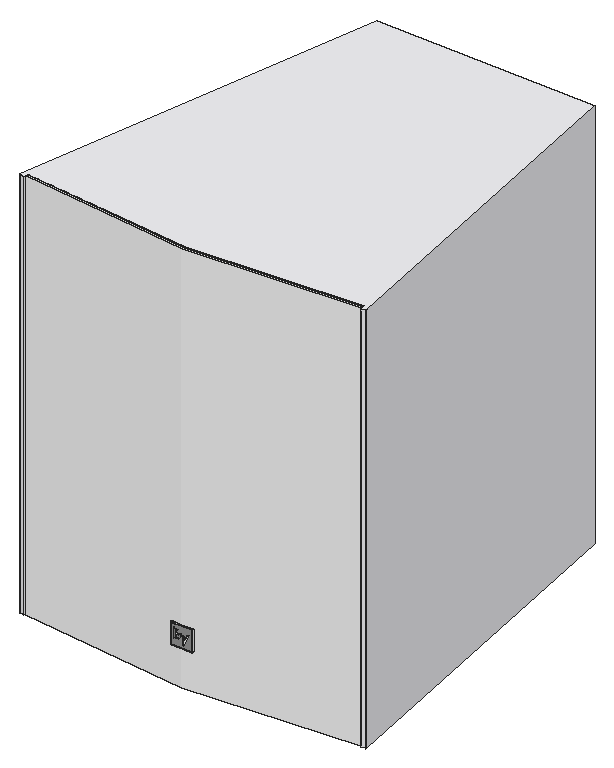
Revit family "EVF-1181S", category Communication Devices, Revit 2017 (continued)
Definition of nested family "InputPanelV"
  Lines and regions (mm)
    model lines, not visible
      curve 127: spline (78.912, -9.5, 85.748) -> (78.904, -9.5, 85.88) -> (78.878, -9.5, 86.01) -> (78.835, -9.5, 86.134) -> (78.777, -9.5, 86.253) -> (78.704, -9.5, 86.363) -> (78.617, -9.5, 86.462) -> (78.518, -9.5, 86.549) -> (78.408, -9.5, 86.622) -> (78.289, -9.5, 86.68) -> (78.164, -9.5, 86.723) -> (78.035, -9.5, 86.749) -> (77.903, -9.5, 86.757)
      curve 128: spline (77.907, -9.5, 60.018) -> (78.038, -9.5, 60.027) -> (78.168, -9.5, 60.053) -> (78.293, -9.5, 60.095) -> (78.411, -9.5, 60.154) -> (78.521, -9.5, 60.227) -> (78.62, -9.5, 60.314) -> (78.707, -9.5, 60.413) -> (78.78, -9.5, 60.523) -> (78.839, -9.5, 60.641) -> (78.881, -9.5, 60.766) -> (78.907, -9.5, 60.896) -> (78.915, -9.5, 61.027)
      curve 129: line (63.979, -9.5, 70.233) -> (63.818, -9.5, 71.221)
      curve 130: line (63.818, -9.5, 71.221) -> (63.359, -9.5, 72.059)
      curve 131: line (63.359, -9.5, 72.059) -> (62.673, -9.5, 72.618)
      curve 132: line (62.673, -9.5, 72.618) -> (61.864, -9.5, 72.815)
      curve 133: line (61.864, -9.5, 72.815) -> (61.054, -9.5, 72.618)
      curve 134: line (61.054, -9.5, 72.618) -> (60.368, -9.5, 72.058)
      curve 135: line (60.368, -9.5, 72.058) -> (59.91, -9.5, 71.221)
      curve 136: line (59.91, -9.5, 71.221) -> (59.749, -9.5, 70.232)
      curve 137: line (59.749, -9.5, 70.232) -> (59.91, -9.5, 69.244)
      curve 138: line (59.91, -9.5, 69.244) -> (60.369, -9.5, 68.407)
      curve 139: line (60.369, -9.5, 68.407) -> (61.055, -9.5, 67.847)
      curve 140: line (61.055, -9.5, 67.847) -> (61.864, -9.5, 67.651)
      curve 141: line (61.864, -9.5, 67.651) -> (62.674, -9.5, 67.847)
      curve 142: line (62.674, -9.5, 67.847) -> (63.36, -9.5, 68.407)
      curve 143: line (63.36, -9.5, 68.407) -> (63.815, -9.5, 69.238)
      curve 144: line (63.818, -9.5, 69.245) -> (64.103, -9.5, 70.233)
      curve 145: line (64.103, -9.5, 70.233) -> (64.794, -9.5, 70.233)
      curve 146: line (64.794, -9.5, 70.233) -> (66.912, -9.5, 70.233)
      curve 147: line (66.912, -9.5, 70.233) -> (66.911, -9.5, 64.008)
      curve 148: line (63.978, -9.5, 82.846) -> (63.817, -9.5, 83.834)
      curve 149: line (63.817, -9.5, 83.834) -> (63.358, -9.5, 84.671)
      curve 150: line (63.358, -9.5, 84.671) -> (62.672, -9.5, 85.231)
      curve 151: line (62.672, -9.5, 85.231) -> (61.862, -9.5, 85.427)
      curve 152: line (61.862, -9.5, 85.427) -> (61.053, -9.5, 85.231)
      curve 153: line (61.053, -9.5, 85.231) -> (60.367, -9.5, 84.671)
      curve 154: line (60.367, -9.5, 84.671) -> (59.908, -9.5, 83.833)
      curve 155: line (59.908, -9.5, 83.833) -> (59.747, -9.5, 82.845)
      curve 156: line (59.747, -9.5, 82.845) -> (59.908, -9.5, 81.857)
      curve 157: line (59.908, -9.5, 81.857) -> (60.367, -9.5, 81.019)
      curve 158: line (60.367, -9.5, 81.019) -> (61.053, -9.5, 80.46)
      curve 159: line (61.053, -9.5, 80.46) -> (61.863, -9.5, 80.263)
      curve 160: line (61.863, -9.5, 80.263) -> (62.672, -9.5, 80.46)
      curve 161: line (62.672, -9.5, 80.46) -> (63.358, -9.5, 81.02)
      curve 162: line (63.358, -9.5, 81.02) -> (63.813, -9.5, 81.851)
      curve 163: line (63.817, -9.5, 81.857) -> (64.101, -9.5, 82.846)
      curve 164: line (64.101, -9.5, 82.846) -> (64.793, -9.5, 82.846)
      curve 165: line (64.793, -9.5, 82.846) -> (66.91, -9.5, 82.846)
      curve 166: line (66.91, -9.5, 82.846) -> (66.909, -9.5, 76.621)
      curve 167: line (63.98, -9.5, 63.927) -> (63.819, -9.5, 64.915)
      curve 168: line (63.819, -9.5, 64.915) -> (63.36, -9.5, 65.752)
      curve 169: line (63.36, -9.5, 65.752) -> (62.674, -9.5, 66.312)
      curve 170: line (62.674, -9.5, 66.312) -> (61.864, -9.5, 66.508)
      curve 171: line (61.864, -9.5, 66.508) -> (61.055, -9.5, 66.312)
      curve 172: line (61.055, -9.5, 66.312) -> (60.369, -9.5, 65.752)
      curve 173: line (60.369, -9.5, 65.752) -> (59.911, -9.5, 64.914)
      curve 174: line (59.911, -9.5, 64.914) -> (59.75, -9.5, 63.926)
      curve 175: line (59.75, -9.5, 63.926) -> (59.911, -9.5, 62.938)
      curve 176: line (59.911, -9.5, 62.938) -> (60.369, -9.5, 62.1)
      curve 177: line (60.369, -9.5, 62.1) -> (61.056, -9.5, 61.541)
      curve 178: line (61.056, -9.5, 61.541) -> (61.865, -9.5, 61.344)
      curve 179: line (61.865, -9.5, 61.344) -> (62.675, -9.5, 61.541)
      curve 180: line (62.675, -9.5, 61.541) -> (63.361, -9.5, 62.101)
      curve 181: line (63.361, -9.5, 62.101) -> (63.815, -9.5, 62.932)
      curve 182: line (63.819, -9.5, 62.938) -> (64.103, -9.5, 63.927)
      curve 183: line (64.103, -9.5, 63.927) -> (64.794, -9.5, 63.927)
      curve 184: line (64.794, -9.5, 63.927) -> (66.912, -9.5, 63.927)
      curve 185: line (66.912, -9.5, 63.927) -> (66.911, -9.5, 60.774)
      curve 186: line (66.911, -9.5, 60.774) -> (65.488, -9.5, 60.774)
      curve 187: line (65.488, -9.5, 60.774) -> (68.6, -9.5, 60.646)
      curve 188: line (68.6, -9.5, 60.646) -> (68.722, -9.5, 60.469)
      curve 189: line (68.722, -9.5, 60.469) -> (65.589, -9.5, 60.469)
      curve 190: line (65.589, -9.5, 60.469) -> (65.467, -9.5, 60.646)
      curve 191: line (63.978, -9.5, 76.539) -> (63.817, -9.5, 77.527)
      curve 192: line (63.817, -9.5, 77.527) -> (63.359, -9.5, 78.365)
      curve 193: line (63.359, -9.5, 78.365) -> (62.672, -9.5, 78.925)
      curve 194: line (62.672, -9.5, 78.925) -> (61.863, -9.5, 79.121)
      curve 195: line (61.863, -9.5, 79.121) -> (61.054, -9.5, 78.924)
      curve 196: line (61.054, -9.5, 78.924) -> (60.367, -9.5, 78.365)
      curve 197: line (60.367, -9.5, 78.365) -> (59.909, -9.5, 77.527)
      curve 198: line (59.909, -9.5, 77.527) -> (59.748, -9.5, 76.539)
      curve 199: line (59.748, -9.5, 76.539) -> (59.909, -9.5, 75.551)
      curve 200: line (59.909, -9.5, 75.551) -> (60.368, -9.5, 74.713)
      curve 201: line (60.368, -9.5, 74.713) -> (61.054, -9.5, 74.153)
      curve 202: line (61.054, -9.5, 74.153) -> (61.864, -9.5, 73.957)
      curve 203: line (61.864, -9.5, 73.957) -> (62.673, -9.5, 74.153)
      curve 204: line (62.673, -9.5, 74.153) -> (63.359, -9.5, 74.713)
      curve 205: line (63.359, -9.5, 74.713) -> (63.814, -9.5, 75.544)
      curve 206: line (63.818, -9.5, 75.551) -> (64.101, -9.5, 76.539)
      curve 207: line (64.101, -9.5, 76.539) -> (64.793, -9.5, 76.539)
      curve 208: line (64.793, -9.5, 76.539) -> (66.91, -9.5, 76.54)
      curve 209: line (66.91, -9.5, 76.54) -> (66.91, -9.5, 70.344)
      curve 210: line (61.049, -9.5, 85.998) -> (60.837, -9.5, 85.998)
      curve 211: line (60.837, -9.5, 85.998) -> (60.837, -9.5, 85.655)
      curve 212: line (60.916, -9.5, 85.517) -> (61.049, -9.5, 85.391)
      curve 213: line (61.049, -9.5, 85.391) -> (61.049, -9.5, 85.998)
      curve 214: line (61.049, -9.5, 85.998) -> (62.676, -9.5, 85.999)
      curve 215: line (62.676, -9.5, 85.999) -> (62.676, -9.5, 85.392)
      curve 216: line (62.676, -9.5, 79.084) -> (62.676, -9.5, 80.299)
      curve 217: line (62.677, -9.5, 72.779) -> (62.677, -9.5, 73.994)
      curve 218: line (62.678, -9.5, 66.472) -> (62.678, -9.5, 67.687)
      curve 219: line (61.052, -9.5, 60.773) -> (60.84, -9.5, 60.773)
      curve 220: line (60.84, -9.5, 60.773) -> (60.84, -9.5, 61.139)
      curve 221: line (60.918, -9.5, 61.255) -> (61.052, -9.5, 61.381)
      curve 222: line (61.052, -9.5, 61.381) -> (61.052, -9.5, 60.773)
      curve 223: line (61.052, -9.5, 60.773) -> (62.679, -9.5, 60.773)
      curve 224: line (62.679, -9.5, 60.773) -> (62.679, -9.5, 61.381)
      curve 225: line (60.839, -9.5, 66.735) -> (60.842, -9.5, 67.413)
      curve 226: line (60.918, -9.5, 67.56) -> (61.051, -9.5, 67.686)
      curve 227: line (61.051, -9.5, 67.686) -> (61.051, -9.5, 66.471)
      curve 228: line (61.051, -9.5, 66.471) -> (60.918, -9.5, 66.598)
      curve 229: line (61.05, -9.5, 72.779) -> (61.05, -9.5, 73.994)
      curve 230: line (61.05, -9.5, 73.994) -> (60.917, -9.5, 73.867)
      curve 231: line (60.838, -9.5, 73.752) -> (60.838, -9.5, 73.043)
      curve 232: line (60.917, -9.5, 72.905) -> (61.05, -9.5, 72.779)
      curve 233: line (60.838, -9.5, 79.348) -> (60.841, -9.5, 80.026)
      curve 234: line (60.916, -9.5, 80.173) -> (61.049, -9.5, 80.299)
      curve 235: line (61.049, -9.5, 80.299) -> (61.049, -9.5, 79.084)
      curve 236: line (61.049, -9.5, 79.084) -> (60.916, -9.5, 79.21)
      curve 237: line (65.486, -9.5, 73.675) -> (63.369, -9.5, 73.675)
      curve 238: line (63.369, -9.5, 73.675) -> (63.369, -9.5, 73.098)
      curve 239: line (63.369, -9.5, 73.098) -> (65.486, -9.5, 73.099)
      curve 240: line (65.486, -9.5, 73.099) -> (65.486, -9.5, 73.675)
      curve 241: line (65.487, -9.5, 67.368) -> (65.487, -9.5, 66.791)
      curve 242: line (65.487, -9.5, 66.791) -> (63.37, -9.5, 66.791)
      curve 243: line (63.37, -9.5, 66.791) -> (63.369, -9.5, 67.367)
      curve 244: line (63.369, -9.5, 67.367) -> (65.487, -9.5, 67.368)
      curve 245: line (65.485, -9.5, 79.98) -> (65.485, -9.5, 79.404)
      curve 246: line (65.485, -9.5, 79.404) -> (63.368, -9.5, 79.404)
      curve 247: line (63.368, -9.5, 79.404) -> (63.368, -9.5, 79.98)
      curve 248: line (63.368, -9.5, 79.98) -> (65.485, -9.5, 79.98)
      curve 249: line (63.37, -9.5, 60.773) -> (65.488, -9.5, 60.774)
      curve 250: line (65.488, -9.5, 60.774) -> (65.488, -9.5, 61.062)
      curve 251: line (65.488, -9.5, 61.062) -> (63.37, -9.5, 61.062)
      curve 252: line (63.37, -9.5, 61.062) -> (63.37, -9.5, 60.773)
      curve 253: line (63.37, -9.5, 60.773) -> (62.679, -9.5, 60.773)
      curve 254: line (62.676, -9.5, 85.999) -> (63.367, -9.5, 85.999)
      curve 255: line (63.367, -9.5, 85.999) -> (63.367, -9.5, 85.711)
      curve 256: line (63.367, -9.5, 85.711) -> (65.485, -9.5, 85.711)
      curve 257: line (65.485, -9.5, 85.711) -> (65.485, -9.5, 85.999)
      curve 258: line (65.485, -9.5, 85.999) -> (63.367, -9.5, 85.999)
      curve 259: line (63.973, -9.5, 63.722) -> (62.18, -9.5, 65.91)
      curve 260: line (62.18, -9.5, 65.91) -> (62.671, -9.5, 66.243)
      curve 261: line (63.973, -9.5, 70.028) -> (62.179, -9.5, 72.217)
      curve 262: line (62.179, -9.5, 72.217) -> (62.67, -9.5, 72.549)
      curve 263: line (63.946, -9.5, 63.467) -> (62.347, -9.5, 65.419)
      curve 264: line (62.347, -9.5, 65.419) -> (61.777, -9.5, 65.419)
      curve 265: line (61.777, -9.5, 65.419) -> (63.815, -9.5, 62.932)
      curve 266: line (63.945, -9.5, 69.773) -> (62.346, -9.5, 71.725)
      curve 267: line (62.346, -9.5, 71.725) -> (61.777, -9.5, 71.725)
      curve 268: line (61.777, -9.5, 71.725) -> (63.815, -9.5, 69.238)
      curve 269: line (63.945, -9.5, 76.08) -> (62.345, -9.5, 78.032)
      curve 270: line (62.345, -9.5, 78.032) -> (61.776, -9.5, 78.031)
      curve 271: line (61.776, -9.5, 78.031) -> (63.814, -9.5, 75.544)
      curve 272: line (63.972, -9.5, 76.334) -> (62.178, -9.5, 78.523)
      curve 273: line (62.178, -9.5, 78.523) -> (62.669, -9.5, 78.856)
      curve 274: line (63.971, -9.5, 82.641) -> (62.178, -9.5, 84.829)
      curve 275: line (62.178, -9.5, 84.829) -> (62.669, -9.5, 85.162)
      curve 276: line (63.944, -9.5, 82.386) -> (62.345, -9.5, 84.338)
      curve 277: line (62.345, -9.5, 84.338) -> (61.775, -9.5, 84.338)
      curve 278: line (61.775, -9.5, 84.338) -> (63.813, -9.5, 81.851)
      curve 279: line (66.909, -9.5, 82.956) -> (66.908, -9.5, 85.999)
      curve 280: line (66.908, -9.5, 85.999) -> (72.332, -9.5, 86)
      curve 281: line (72.332, -9.5, 86) -> (72.335, -9.5, 60.774)
      curve 282: line (72.335, -9.5, 60.774) -> (66.911, -9.5, 60.774)
      curve 283: line (65.485, -9.5, 85.999) -> (66.908, -9.5, 85.999)
      curve 284: line (72.332, -9.5, 86) -> (72.658, -9.5, 86)
      curve 285: line (72.658, -9.5, 86) -> (72.661, -9.5, 60.775)
      curve 286: line (72.661, -9.5, 60.775) -> (72.335, -9.5, 60.774)
      curve 287: line (72.335, -9.5, 60.774) -> (72.464, -9.5, 60.647)
      curve 288: line (72.464, -9.5, 60.647) -> (72.586, -9.5, 60.47)
      curve 289: line (73.116, -9.5, 67.379) -> (73.115, -9.5, 72.891)
      curve 290: line (73.115, -9.5, 72.891) -> (77.33, -9.5, 72.891)
      curve 291: line (77.33, -9.5, 72.891) -> (77.331, -9.5, 67.379)
      curve 292: line (77.331, -9.5, 67.379) -> (73.116, -9.5, 67.379)
      curve 293: line (77.331, -9.5, 66.783) -> (77.332, -9.5, 61.272)
      curve 294: line (77.332, -9.5, 61.272) -> (73.116, -9.5, 61.271)
      curve 295: line (73.116, -9.5, 61.271) -> (73.116, -9.5, 66.783)
      curve 296: line (73.116, -9.5, 66.783) -> (77.331, -9.5, 66.783)
      curve 297: line (72.661, -9.5, 60.775) -> (77.787, -9.5, 60.775)
      curve 298: line (77.787, -9.5, 60.775) -> (77.784, -9.5, 86)
      curve 299: line (77.784, -9.5, 86) -> (72.658, -9.5, 86)
      curve 300: line (73.114, -9.5, 79.991) -> (73.113, -9.5, 85.503)
      curve 301: line (73.113, -9.5, 85.503) -> (77.329, -9.5, 85.504)
      curve 302: line (77.329, -9.5, 85.504) -> (77.329, -9.5, 79.992)
      curve 303: line (77.329, -9.5, 79.992) -> (73.114, -9.5, 79.991)
      curve 304: line (77.329, -9.5, 79.396) -> (77.33, -9.5, 73.884)
      curve 305: line (77.33, -9.5, 73.884) -> (73.115, -9.5, 73.884)
      curve 306: line (73.115, -9.5, 73.884) -> (73.114, -9.5, 79.396)
      curve 307: line (73.114, -9.5, 79.396) -> (77.329, -9.5, 79.396)
      curve 308: line (73.114, -9.5, 81.158) -> (74.522, -9.5, 81.159)
      curve 309: line (74.522, -9.5, 81.159) -> (74.848, -9.5, 80.47)
      curve 310: line (74.848, -9.5, 80.47) -> (75.233, -9.5, 79.992)
      curve 311: line (73.116, -9.5, 68.546) -> (74.524, -9.5, 68.546)
      curve 312: line (74.524, -9.5, 68.546) -> (74.849, -9.5, 67.858)
      curve 313: line (74.849, -9.5, 67.858) -> (75.235, -9.5, 67.379)
      curve 314: line (73.114, -9.5, 78.229) -> (74.523, -9.5, 78.229)
      curve 315: line (74.523, -9.5, 78.229) -> (74.848, -9.5, 78.917)
      curve 316: line (74.848, -9.5, 78.917) -> (75.233, -9.5, 79.396)
      curve 317: line (73.116, -9.5, 65.616) -> (74.524, -9.5, 65.616)
      curve 318: line (74.524, -9.5, 65.616) -> (74.85, -9.5, 66.304)
      curve 319: line (74.85, -9.5, 66.304) -> (75.235, -9.5, 66.783)
      curve 320: line (73.116, -9.5, 62.239) -> (74.525, -9.5, 62.24)
      curve 321: line (74.525, -9.5, 62.24) -> (74.85, -9.5, 61.552)
      curve 322: line (74.85, -9.5, 61.552) -> (75.076, -9.5, 61.271)
      curve 323: line (73.115, -9.5, 74.852) -> (74.523, -9.5, 74.852)
      curve 324: line (74.523, -9.5, 74.852) -> (74.849, -9.5, 74.164)
      curve 325: line (74.849, -9.5, 74.164) -> (75.074, -9.5, 73.884)
      curve 326: line (73.115, -9.5, 71.922) -> (74.524, -9.5, 71.923)
      curve 327: line (74.524, -9.5, 71.923) -> (74.849, -9.5, 72.611)
      curve 328: line (75.074, -9.5, 72.891) -> (74.849, -9.5, 72.611)
      curve 329: line (74.849, -9.5, 72.611) -> (74.849, -9.5, 67.858)
      curve 330: line (73.114, -9.5, 84.535) -> (74.522, -9.5, 84.535)
      curve 331: line (74.522, -9.5, 84.535) -> (74.847, -9.5, 85.223)
      curve 332: line (74.847, -9.5, 85.223) -> (74.848, -9.5, 80.47)
      curve 333: line (75.073, -9.5, 85.503) -> (74.847, -9.5, 85.223)
      curve 334: line (74.524, -9.5, 65.616) -> (74.525, -9.5, 62.24)
      curve 335: line (74.523, -9.5, 78.229) -> (74.523, -9.5, 74.852)
      curve 336: line (74.524, -9.5, 68.546) -> (74.524, -9.5, 71.923)
      curve 337: line (74.522, -9.5, 81.159) -> (74.522, -9.5, 84.535)
      curve 338: line (72.586, -9.5, 60.208) -> (75.719, -9.5, 60.209)
      curve 339: line (75.719, -9.5, 60.209) -> (75.719, -9.5, 60.47)
      curve 340: line (75.719, -9.5, 60.47) -> (72.586, -9.5, 60.47)
      curve 341: line (72.586, -9.5, 60.47) -> (72.586, -9.5, 60.208)
      curve 342: line (72.586, -9.5, 60.208) -> (72.005, -9.5, 60.208)
      curve 343: line (72.005, -9.5, 60.208) -> (72.005, -9.5, 60.47)
      curve 344: line (72.005, -9.5, 60.47) -> (72.127, -9.5, 60.774)
      curve 345: line (72.464, -9.5, 60.647) -> (75.597, -9.5, 60.647)
      curve 346: line (75.597, -9.5, 60.647) -> (75.719, -9.5, 60.47)
      curve 347: line (76.233, -9.5, 66.783) -> (76.233, -9.5, 61.272)
      curve 348: line (76.231, -9.5, 79.396) -> (76.232, -9.5, 73.884)
      curve 349: line (76.232, -9.5, 72.891) -> (76.233, -9.5, 67.379)
      curve 350: line (76.23, -9.5, 85.504) -> (76.231, -9.5, 79.992)
      curve 351: line (74.85, -9.5, 66.304) -> (74.85, -9.5, 61.552)
      curve 352: line (74.848, -9.5, 78.917) -> (74.849, -9.5, 74.164)
      curve 353: line (65.589, -9.5, 60.469) -> (65.589, -9.5, 60.208)
      curve 354: line (65.589, -9.5, 60.208) -> (65.009, -9.5, 60.207)
      curve 355: line (65.009, -9.5, 60.207) -> (65.009, -9.5, 60.469)
      curve 356: line (65.009, -9.5, 60.469) -> (65.131, -9.5, 60.646)
      curve 357: line (65.589, -9.5, 60.208) -> (68.722, -9.5, 60.208)
      curve 358: line (68.722, -9.5, 60.208) -> (68.722, -9.5, 60.469)
      curve 359: line (54.498, -9.5, 76.538) -> (54.659, -9.5, 75.55)
      curve 360: line (54.659, -9.5, 75.55) -> (55.117, -9.5, 74.712)
      curve 361: line (55.117, -9.5, 74.712) -> (55.804, -9.5, 74.153)
      curve 362: line (55.804, -9.5, 74.153) -> (56.613, -9.5, 73.956)
      curve 363: line (56.613, -9.5, 73.956) -> (57.422, -9.5, 74.153)
      curve 364: line (57.422, -9.5, 74.153) -> (58.109, -9.5, 74.713)
      curve 365: line (58.109, -9.5, 74.713) -> (58.567, -9.5, 75.55)
      curve 366: line (58.567, -9.5, 75.55) -> (58.728, -9.5, 76.539)
      curve 367: line (58.728, -9.5, 76.539) -> (58.567, -9.5, 77.527)
      curve 368: line (58.567, -9.5, 77.527) -> (58.108, -9.5, 78.364)
      curve 369: line (58.108, -9.5, 78.364) -> (57.422, -9.5, 78.924)
      curve 370: line (57.422, -9.5, 78.924) -> (56.612, -9.5, 79.12)
      curve 371: line (56.612, -9.5, 79.12) -> (55.803, -9.5, 78.924)
      curve 372: line (55.803, -9.5, 78.924) -> (55.117, -9.5, 78.364)
      curve 373: line (55.117, -9.5, 78.364) -> (54.662, -9.5, 77.533)
      curve 374: line (54.659, -9.5, 77.526) -> (54.374, -9.5, 76.538)
      curve 375: line (54.374, -9.5, 76.538) -> (53.682, -9.5, 76.538)
      curve 376: line (53.682, -9.5, 76.538) -> (51.565, -9.5, 76.538)
      curve 377: line (51.565, -9.5, 76.538) -> (51.566, -9.5, 82.763)
      curve 378: line (54.499, -9.5, 63.925) -> (54.66, -9.5, 62.937)
      curve 379: line (54.66, -9.5, 62.937) -> (55.119, -9.5, 62.1)
      curve 380: line (55.119, -9.5, 62.1) -> (55.805, -9.5, 61.54)
      curve 381: line (55.805, -9.5, 61.54) -> (56.615, -9.5, 61.344)
      curve 382: line (56.615, -9.5, 61.344) -> (57.424, -9.5, 61.54)
      curve 383: line (57.424, -9.5, 61.54) -> (58.11, -9.5, 62.1)
      curve 384: line (58.11, -9.5, 62.1) -> (58.569, -9.5, 62.938)
      curve 385: line (58.569, -9.5, 62.938) -> (58.729, -9.5, 63.926)
      curve 386: line (58.729, -9.5, 63.926) -> (58.568, -9.5, 64.914)
      curve 387: line (58.568, -9.5, 64.914) -> (58.11, -9.5, 65.752)
      curve 388: line (58.11, -9.5, 65.752) -> (57.423, -9.5, 66.311)
      curve 389: line (57.423, -9.5, 66.311) -> (56.614, -9.5, 66.508)
      curve 390: line (56.614, -9.5, 66.508) -> (55.805, -9.5, 66.311)
      curve 391: line (55.805, -9.5, 66.311) -> (55.118, -9.5, 65.751)
      curve 392: line (55.118, -9.5, 65.751) -> (54.664, -9.5, 64.92)
      curve 393: line (54.66, -9.5, 64.914) -> (54.376, -9.5, 63.925)
      curve 394: line (54.376, -9.5, 63.925) -> (53.684, -9.5, 63.925)
      curve 395: line (53.684, -9.5, 63.925) -> (51.566, -9.5, 63.925)
      curve 396: line (51.566, -9.5, 63.925) -> (51.567, -9.5, 70.15)
      curve 397: line (54.497, -9.5, 82.844) -> (54.658, -9.5, 81.856)
      curve 398: line (54.658, -9.5, 81.856) -> (55.117, -9.5, 81.019)
      curve 399: line (55.117, -9.5, 81.019) -> (55.803, -9.5, 80.459)
      curve 400: line (55.803, -9.5, 80.459) -> (56.612, -9.5, 80.263)
      curve 401: line (56.612, -9.5, 80.263) -> (57.422, -9.5, 80.459)
      curve 402: line (57.422, -9.5, 80.459) -> (58.108, -9.5, 81.019)
      curve 403: line (58.108, -9.5, 81.019) -> (58.566, -9.5, 81.857)
      curve 404: line (58.566, -9.5, 81.857) -> (58.727, -9.5, 82.845)
      curve 405: line (58.727, -9.5, 82.845) -> (58.566, -9.5, 83.833)
      curve 406: line (58.566, -9.5, 83.833) -> (58.107, -9.5, 84.671)
      curve 407: line (58.107, -9.5, 84.671) -> (57.421, -9.5, 85.23)
      curve 408: line (57.421, -9.5, 85.23) -> (56.612, -9.5, 85.427)
      curve 409: line (56.612, -9.5, 85.427) -> (55.802, -9.5, 85.23)
      curve 410: line (55.802, -9.5, 85.23) -> (55.116, -9.5, 84.67)
      curve 411: line (55.116, -9.5, 84.67) -> (54.661, -9.5, 83.839)
      curve 412: line (54.658, -9.5, 83.833) -> (54.374, -9.5, 82.844)
      curve 413: line (54.374, -9.5, 82.844) -> (53.682, -9.5, 82.844)
      curve 414: line (53.682, -9.5, 82.844) -> (51.565, -9.5, 82.844)
      curve 415: line (51.565, -9.5, 82.844) -> (51.565, -9.5, 85.997)
      curve 416: line (54.498, -9.5, 70.232) -> (54.66, -9.5, 69.244)
      curve 417: line (54.66, -9.5, 69.244) -> (55.118, -9.5, 68.406)
      curve 418: line (55.118, -9.5, 68.406) -> (55.804, -9.5, 67.846)
      curve 419: line (55.804, -9.5, 67.846) -> (56.614, -9.5, 67.65)
      curve 420: line (56.614, -9.5, 67.65) -> (57.423, -9.5, 67.847)
      curve 421: line (57.423, -9.5, 67.847) -> (58.109, -9.5, 68.406)
      curve 422: line (58.109, -9.5, 68.406) -> (58.568, -9.5, 69.244)
      curve 423: line (58.568, -9.5, 69.244) -> (58.729, -9.5, 70.232)
      curve 424: line (58.729, -9.5, 70.232) -> (58.568, -9.5, 71.22)
      curve 425: line (58.568, -9.5, 71.22) -> (58.109, -9.5, 72.058)
      curve 426: line (58.109, -9.5, 72.058) -> (57.423, -9.5, 72.618)
      curve 427: line (57.423, -9.5, 72.618) -> (56.613, -9.5, 72.814)
      curve 428: line (56.613, -9.5, 72.814) -> (55.804, -9.5, 72.617)
      curve 429: line (55.804, -9.5, 72.617) -> (55.118, -9.5, 72.058)
      curve 430: line (55.118, -9.5, 72.058) -> (54.663, -9.5, 71.227)
      curve 431: line (54.659, -9.5, 71.22) -> (54.376, -9.5, 70.232)
      curve 432: line (54.376, -9.5, 70.232) -> (53.684, -9.5, 70.232)
      curve 433: line (53.684, -9.5, 70.232) -> (51.566, -9.5, 70.231)
      curve 434: line (51.566, -9.5, 70.231) -> (51.567, -9.5, 76.427)
      curve 435: line (57.428, -9.5, 60.773) -> (57.64, -9.5, 60.773)
      curve 436: line (57.64, -9.5, 60.773) -> (57.64, -9.5, 61.116)
      curve 437: line (57.561, -9.5, 61.254) -> (57.428, -9.5, 61.38)
      curve 438: line (57.428, -9.5, 61.38) -> (57.428, -9.5, 60.773)
      curve 439: line (57.428, -9.5, 60.773) -> (55.801, -9.5, 60.772)
      curve 440: line (55.801, -9.5, 60.772) -> (55.801, -9.5, 61.379)
      curve 441: line (55.8, -9.5, 67.687) -> (55.8, -9.5, 66.472)
      curve 442: line (55.8, -9.5, 73.992) -> (55.8, -9.5, 72.777)
      curve 443: line (55.799, -9.5, 80.299) -> (55.799, -9.5, 79.084)
      curve 444: line (57.425, -9.5, 85.998) -> (57.637, -9.5, 85.998)
      curve 445: line (57.637, -9.5, 85.998) -> (57.637, -9.5, 85.632)
      curve 446: line (57.558, -9.5, 85.516) -> (57.425, -9.5, 85.39)
      curve 447: line (57.425, -9.5, 85.39) -> (57.425, -9.5, 85.998)
      curve 448: line (57.425, -9.5, 85.998) -> (55.798, -9.5, 85.998)
      curve 449: line (55.798, -9.5, 85.998) -> (55.798, -9.5, 85.39)
      curve 450: line (57.638, -9.5, 80.036) -> (57.634, -9.5, 79.358)
      curve 451: line (57.559, -9.5, 79.211) -> (57.426, -9.5, 79.085)
      curve 452: line (57.426, -9.5, 79.085) -> (57.426, -9.5, 80.3)
      curve 453: line (57.426, -9.5, 80.3) -> (57.559, -9.5, 80.173)
      curve 454: line (57.427, -9.5, 73.992) -> (57.427, -9.5, 72.777)
      curve 455: line (57.427, -9.5, 72.777) -> (57.56, -9.5, 72.903)
      curve 456: line (57.638, -9.5, 73.019) -> (57.638, -9.5, 73.728)
      curve 457: line (57.56, -9.5, 73.866) -> (57.427, -9.5, 73.992)
      curve 458: line (57.639, -9.5, 67.423) -> (57.636, -9.5, 66.745)
      curve 459: line (57.561, -9.5, 66.598) -> (57.428, -9.5, 66.472)
      curve 460: line (57.428, -9.5, 66.472) -> (57.427, -9.5, 67.687)
      curve 461: line (57.427, -9.5, 67.687) -> (57.561, -9.5, 67.561)
      curve 462: line (52.991, -9.5, 73.096) -> (55.108, -9.5, 73.096)
      curve 463: line (55.108, -9.5, 73.096) -> (55.108, -9.5, 73.673)
      curve 464: line (55.108, -9.5, 73.673) -> (52.991, -9.5, 73.672)
      curve 465: line (52.991, -9.5, 73.672) -> (52.991, -9.5, 73.096)
      curve 466: line (52.99, -9.5, 79.403) -> (52.99, -9.5, 79.98)
      curve 467: line (52.99, -9.5, 79.98) -> (55.107, -9.5, 79.98)
      curve 468: line (55.107, -9.5, 79.98) -> (55.107, -9.5, 79.404)
      curve 469: line (55.107, -9.5, 79.404) -> (52.99, -9.5, 79.403)
      curve 470: line (52.991, -9.5, 66.791) -> (52.991, -9.5, 67.367)
      curve 471: line (52.991, -9.5, 67.367) -> (55.109, -9.5, 67.367)
      curve 472: line (55.109, -9.5, 67.367) -> (55.109, -9.5, 66.791)
      curve 473: line (55.109, -9.5, 66.791) -> (52.991, -9.5, 66.791)
      curve 474: line (55.107, -9.5, 85.998) -> (52.989, -9.5, 85.997)
      curve 475: line (52.989, -9.5, 85.997) -> (52.989, -9.5, 85.709)
      curve 476: line (52.989, -9.5, 85.709) -> (55.107, -9.5, 85.709)
      curve 477: line (55.107, -9.5, 85.709) -> (55.107, -9.5, 85.998)
      curve 478: line (55.107, -9.5, 85.998) -> (55.798, -9.5, 85.998)
      curve 479: line (55.801, -9.5, 60.772) -> (55.11, -9.5, 60.772)
      curve 480: line (55.11, -9.5, 60.772) -> (55.11, -9.5, 61.06)
      curve 481: line (55.11, -9.5, 61.06) -> (52.992, -9.5, 61.06)
      curve 482: line (52.992, -9.5, 61.06) -> (52.992, -9.5, 60.772)
      curve 483: line (52.992, -9.5, 60.772) -> (55.11, -9.5, 60.772)
      curve 484: line (54.504, -9.5, 76.743) -> (56.298, -9.5, 74.554)
      curve 485: line (56.298, -9.5, 74.554) -> (55.807, -9.5, 74.222)
      curve 486: line (54.503, -9.5, 83.049) -> (56.297, -9.5, 80.86)
      curve 487: line (56.297, -9.5, 80.86) -> (55.806, -9.5, 80.528)
      curve 488: line (54.531, -9.5, 76.998) -> (56.131, -9.5, 75.046)
      curve 489: line (56.131, -9.5, 75.046) -> (56.7, -9.5, 75.046)
      curve 490: line (56.7, -9.5, 75.046) -> (54.662, -9.5, 77.533)
      curve 491: line (54.531, -9.5, 83.304) -> (56.13, -9.5, 81.352)
      curve 492: line (56.13, -9.5, 81.352) -> (56.699, -9.5, 81.352)
      curve 493: line (56.699, -9.5, 81.352) -> (54.661, -9.5, 83.839)
      curve 494: line (54.505, -9.5, 70.437) -> (56.298, -9.5, 68.248)
      curve 495: line (56.298, -9.5, 68.248) -> (55.807, -9.5, 67.915)
      curve 496: line (54.506, -9.5, 64.13) -> (56.299, -9.5, 61.942)
      curve 497: line (56.299, -9.5, 61.942) -> (55.808, -9.5, 61.609)
      curve 498: line (54.533, -9.5, 64.385) -> (56.132, -9.5, 62.433)
      curve 499: line (56.132, -9.5, 62.433) -> (56.702, -9.5, 62.433)
      curve 500: line (56.702, -9.5, 62.433) -> (54.664, -9.5, 64.92)
      curve 501: line (54.532, -9.5, 70.691) -> (56.131, -9.5, 68.739)
      curve 502: line (56.131, -9.5, 68.739) -> (56.701, -9.5, 68.739)
      curve 503: line (56.701, -9.5, 68.739) -> (54.663, -9.5, 71.227)
      curve 504: line (51.568, -9.5, 63.815) -> (51.568, -9.5, 60.772)
      curve 505: line (51.568, -9.5, 60.772) -> (46.145, -9.5, 60.771)
      curve 506: line (46.145, -9.5, 60.771) -> (46.141, -9.5, 85.996)
      curve 507: line (46.141, -9.5, 85.996) -> (51.565, -9.5, 85.997)
      curve 508: line (51.565, -9.5, 85.997) -> (52.989, -9.5, 85.997)
      curve 509: line (52.989, -9.5, 85.997) -> (49.876, -9.5, 86.125)
      curve 510: line (49.876, -9.5, 86.125) -> (49.754, -9.5, 86.302)
      curve 511: line (52.992, -9.5, 60.772) -> (51.568, -9.5, 60.772)
      curve 512: line (45.361, -9.5, 79.392) -> (45.362, -9.5, 73.88)
      curve 513: line (45.362, -9.5, 73.88) -> (41.147, -9.5, 73.88)
      curve 514: line (41.147, -9.5, 73.88) -> (41.146, -9.5, 79.392)
      curve 515: line (41.146, -9.5, 79.392) -> (45.361, -9.5, 79.392)
      curve 516: line (41.146, -9.5, 79.988) -> (41.145, -9.5, 85.499)
      curve 517: line (41.145, -9.5, 85.499) -> (45.36, -9.5, 85.5)
      curve 518: line (45.36, -9.5, 85.5) -> (45.361, -9.5, 79.988)
      curve 519: line (45.361, -9.5, 79.988) -> (41.146, -9.5, 79.988)
      curve 520: line (45.819, -9.5, 60.771) -> (45.816, -9.5, 85.996)
      curve 521: line (45.816, -9.5, 85.996) -> (40.689, -9.5, 85.996)
      curve 522: line (40.689, -9.5, 85.996) -> (40.692, -9.5, 60.771)
      curve 523: line (40.692, -9.5, 60.771) -> (45.819, -9.5, 60.771)
      curve 524: line (45.819, -9.5, 60.771) -> (46.145, -9.5, 60.771)
      curve 525: line (45.363, -9.5, 66.78) -> (45.363, -9.5, 61.268)
      curve 526: line (45.363, -9.5, 61.268) -> (41.148, -9.5, 61.267)
      curve 527: line (41.148, -9.5, 61.267) -> (41.147, -9.5, 66.779)
      curve 528: line (41.147, -9.5, 66.779) -> (45.363, -9.5, 66.78)
      curve 529: line (41.147, -9.5, 67.375) -> (41.147, -9.5, 72.887)
      curve 530: line (41.147, -9.5, 72.887) -> (45.362, -9.5, 72.887)
      curve 531: line (45.362, -9.5, 72.887) -> (45.363, -9.5, 67.375)
      curve 532: line (45.363, -9.5, 67.375) -> (41.147, -9.5, 67.375)
      curve 533: line (45.816, -9.5, 85.996) -> (46.141, -9.5, 85.996)
      curve 534: line (46.141, -9.5, 85.996) -> (42.88, -9.5, 86.124)
      curve 535: line (42.88, -9.5, 86.124) -> (42.758, -9.5, 86.301)
      curve 536: line (42.758, -9.5, 86.301) -> (45.891, -9.5, 86.301)
      curve 537: line (45.891, -9.5, 86.301) -> (46.013, -9.5, 86.124)
      curve 538: line (45.361, -9.5, 78.225) -> (43.953, -9.5, 78.225)
      curve 539: line (43.953, -9.5, 78.225) -> (43.627, -9.5, 78.913)
      curve 540: line (43.627, -9.5, 78.913) -> (43.242, -9.5, 79.392)
      curve 541: line (45.363, -9.5, 65.613) -> (43.954, -9.5, 65.612)
      curve 542: line (43.954, -9.5, 65.612) -> (43.629, -9.5, 66.3)
      curve 543: line (43.629, -9.5, 66.3) -> (43.244, -9.5, 66.779)
      curve 544: line (45.362, -9.5, 68.542) -> (43.954, -9.5, 68.542)
      curve 545: line (43.954, -9.5, 68.542) -> (43.629, -9.5, 67.854)
      curve 546: line (43.629, -9.5, 67.854) -> (43.244, -9.5, 67.375)
      curve 547: line (45.361, -9.5, 81.155) -> (43.952, -9.5, 81.155)
      curve 548: line (43.952, -9.5, 81.155) -> (43.627, -9.5, 80.467)
      curve 549: line (43.627, -9.5, 80.467) -> (43.242, -9.5, 79.988)
      curve 550: line (45.362, -9.5, 71.919) -> (43.954, -9.5, 71.919)
      curve 551: line (43.954, -9.5, 71.919) -> (43.628, -9.5, 72.607)
      curve 552: line (43.628, -9.5, 72.607) -> (43.403, -9.5, 72.887)
      curve 553: line (45.361, -9.5, 84.532) -> (43.952, -9.5, 84.531)
      curve 554: line (43.952, -9.5, 84.531) -> (43.627, -9.5, 85.219)
      curve 555: line (43.627, -9.5, 85.219) -> (43.401, -9.5, 85.5)
      curve 556: line (45.362, -9.5, 74.849) -> (43.953, -9.5, 74.848)
      curve 557: line (43.953, -9.5, 74.848) -> (43.628, -9.5, 74.16)
      curve 558: line (43.403, -9.5, 73.88) -> (43.628, -9.5, 74.16)
      curve 559: line (43.628, -9.5, 74.16) -> (43.627, -9.5, 78.913)
      curve 560: line (45.363, -9.5, 62.236) -> (43.955, -9.5, 62.236)
      curve 561: line (43.955, -9.5, 62.236) -> (43.629, -9.5, 61.548)
      curve 562: line (43.629, -9.5, 61.548) -> (43.629, -9.5, 66.3)
      curve 563: line (43.404, -9.5, 61.267) -> (43.629, -9.5, 61.548)
      curve 564: line (43.954, -9.5, 68.542) -> (43.954, -9.5, 71.919)
      curve 565: line (43.952, -9.5, 81.155) -> (43.952, -9.5, 84.531)
      curve 566: line (43.954, -9.5, 65.612) -> (43.955, -9.5, 62.236)
      curve 567: line (43.953, -9.5, 78.225) -> (43.953, -9.5, 74.848)
      curve 568: line (45.891, -9.5, 86.301) -> (45.891, -9.5, 86.563)
      curve 569: line (45.891, -9.5, 86.563) -> (42.758, -9.5, 86.562)
      curve 570: line (42.758, -9.5, 86.562) -> (42.758, -9.5, 86.301)
      curve 571: line (45.891, -9.5, 86.563) -> (46.472, -9.5, 86.563)
      curve 572: line (46.472, -9.5, 86.563) -> (46.472, -9.5, 86.301)
      curve 573: line (46.472, -9.5, 86.301) -> (46.35, -9.5, 86.124)
      curve 574: line (42.244, -9.5, 79.988) -> (42.243, -9.5, 85.499)
      curve 575: line (42.246, -9.5, 67.375) -> (42.245, -9.5, 72.887)
      curve 576: line (42.246, -9.5, 61.267) -> (42.246, -9.5, 66.779)
      curve 577: line (42.245, -9.5, 73.88) -> (42.244, -9.5, 79.392)
      curve 578: line (43.629, -9.5, 67.854) -> (43.628, -9.5, 72.607)
      curve 579: line (43.627, -9.5, 80.467) -> (43.627, -9.5, 85.219)
      curve 580: line (52.887, -9.5, 86.302) -> (53.009, -9.5, 86.125)
      curve 581: line (52.887, -9.5, 86.563) -> (52.887, -9.5, 86.302)
      curve 582: line (52.887, -9.5, 86.302) -> (49.754, -9.5, 86.302)
      curve 583: line (49.754, -9.5, 86.302) -> (49.754, -9.5, 86.563)
      curve 584: line (49.754, -9.5, 86.563) -> (52.887, -9.5, 86.563)
      curve 585: line (52.887, -9.5, 86.563) -> (53.468, -9.5, 86.563)
      curve 586: line (53.468, -9.5, 86.563) -> (53.468, -9.5, 86.302)
      curve 587: line (53.468, -9.5, 86.302) -> (53.346, -9.5, 86.125)
      curve 588: line (78.97, -9.5, 60.972) -> (78.967, -9.5, 85.803)
      curve 589: line (78.912, -9.5, 85.748) -> (78.915, -9.5, 61.027)
      curve 590: line (77.958, -9.5, 86.812) -> (40.515, -9.5, 86.808)
      curve 591: line (40.57, -9.5, 86.753) -> (77.903, -9.5, 86.757)
      curve 592: line (39.506, -9.5, 85.799) -> (39.509, -9.5, 60.968)
      curve 593: line (39.509, -9.5, 60.97) -> (39.561, -9.5, 85.744)
      curve 594: line (40.518, -9.5, 59.959) -> (77.962, -9.5, 59.963)
      curve 595: line (77.907, -9.5, 60.018) -> (40.573, -9.5, 60.014)
      curve 596: line (61.368, -9.5, 70.233) -> (59.749, -9.5, 70.232)
      curve 597: line (59.749, -9.5, 70.232) -> (59.415, -9.5, 70.232)
      curve 598: line (61.369, -9.5, 63.926) -> (59.75, -9.5, 63.926)
      curve 599: line (59.75, -9.5, 63.926) -> (59.417, -9.5, 63.926)
      curve 600: line (61.367, -9.5, 76.539) -> (59.748, -9.5, 76.539)
      curve 601: line (59.748, -9.5, 76.539) -> (59.415, -9.5, 76.539)
      curve 602: line (61.367, -9.5, 82.845) -> (59.747, -9.5, 82.845)
      curve 603: line (59.747, -9.5, 82.845) -> (59.414, -9.5, 82.845)
      curve 604: line (57.109, -9.5, 76.538) -> (58.728, -9.5, 76.539)
      curve 605: line (58.728, -9.5, 76.539) -> (59.062, -9.5, 76.539)
      curve 606: line (57.108, -9.5, 82.845) -> (58.727, -9.5, 82.845)
      curve 607: line (58.727, -9.5, 82.845) -> (59.06, -9.5, 82.845)
      curve 608: line (57.109, -9.5, 70.232) -> (58.729, -9.5, 70.232)
      curve 609: line (58.729, -9.5, 70.232) -> (59.062, -9.5, 70.232)
      curve 610: line (57.11, -9.5, 63.926) -> (58.729, -9.5, 63.926)
      curve 611: line (58.729, -9.5, 63.926) -> (59.063, -9.5, 63.926)
    model lines
      curve 612: arc (9.156, -4.337, 86.891) -> (7.56, -4.337, 86.55) -> (6.356, -4.337, 85.448) r 3.109
      curve 613: arc (21.769, -4.337, 86.892) -> (20.172, -4.337, 86.552) -> (18.969, -4.337, 85.449) r 3.109
      curve 614: arc (2.85, -4.337, 86.889) -> (1.264, -4.337, 86.554) -> (0.063, -4.337, 85.466) r 3.108
      curve 615: arc (15.462, -4.337, 86.891) -> (13.877, -4.337, 86.556) -> (12.676, -4.337, 85.468) r 3.108
      curve 616: arc (11.869, -4.337, 85.595) -> (10.676, -4.337, 86.586) -> (9.156, -4.337, 86.892) r 3.166
      curve 617: arc (24.481, -4.337, 85.596) -> (23.289, -4.337, 86.588) -> (21.769, -4.337, 86.894) r 3.166
      curve 618: arc (5.561, -4.337, 85.594) -> (4.369, -4.337, 86.585) -> (2.85, -4.337, 86.891) r 3.165
      curve 619: arc (18.174, -4.337, 85.596) -> (16.982, -4.337, 86.586) -> (15.462, -4.337, 86.892) r 3.165
      curve 620: arc (15.462, -4.337, 87.244) -> (17.059, -4.337, 87.585) -> (18.263, -4.337, 88.687) r 3.109
      curve 621: arc (2.85, -4.337, 87.243) -> (4.446, -4.337, 87.583) -> (5.65, -4.337, 88.686) r 3.109
      curve 622: arc (21.769, -4.337, 87.246) -> (23.354, -4.337, 87.581) -> (24.556, -4.337, 88.669) r 3.108
      curve 623: arc (9.156, -4.337, 87.244) -> (10.742, -4.337, 87.58) -> (11.943, -4.337, 88.668) r 3.108
      curve 624: arc (12.75, -4.337, 88.541) -> (13.942, -4.337, 87.549) -> (15.462, -4.337, 87.243) r 3.166
      curve 625: arc (0.137, -4.337, 88.539) -> (1.33, -4.337, 87.548) -> (2.85, -4.337, 87.241) r 3.166
      curve 626: arc (19.058, -4.337, 88.541) -> (20.249, -4.337, 87.55) -> (21.769, -4.337, 87.244) r 3.165
      curve 627: arc (6.445, -4.337, 88.539) -> (7.637, -4.337, 87.549) -> (9.156, -4.337, 87.243) r 3.165
      curve 628: arc (6.61, -4.337, 83.628) -> (7.681, -4.337, 82.554) -> (9.157, -4.337, 82.203) r 2.775
      curve 629: arc (6.291, -4.337, 82.936) -> (7.544, -4.337, 81.862) -> (9.157, -4.337, 81.512) r 3.371
      curve 630: arc (6.61, -4.337, 83.628) -> (6.398, -4.337, 83.307) -> (6.291, -4.337, 82.936) r 1.273
      curve 631: arc (19.223, -4.337, 83.63) -> (20.294, -4.337, 82.556) -> (21.769, -4.337, 82.205) r 2.775
      curve 632: arc (18.904, -4.337, 82.938) -> (20.157, -4.337, 81.864) -> (21.769, -4.337, 81.513) r 3.371
      curve 633: arc (19.223, -4.337, 83.63) -> (19.011, -4.337, 83.308) -> (18.904, -4.337, 82.938) r 1.273
      curve 634: arc (0.305, -4.337, 83.627) -> (1.376, -4.337, 82.554) -> (2.85, -4.337, 82.203) r 2.774
      curve 635: arc (-0.014, -4.337, 82.936) -> (1.238, -4.337, 81.862) -> (2.851, -4.337, 81.512) r 3.37
      curve 636: arc (0.305, -4.337, 83.627) -> (0.093, -4.337, 83.306) -> (-0.014, -4.337, 82.936) r 1.273
      curve 637: arc (12.918, -4.337, 83.629) -> (13.988, -4.337, 82.555) -> (15.463, -4.337, 82.205) r 2.774
      curve 638: arc (12.599, -4.337, 82.937) -> (13.851, -4.337, 81.864) -> (15.463, -4.337, 81.513) r 3.37
      curve 639: arc (12.918, -4.337, 83.629) -> (12.705, -4.337, 83.307) -> (12.599, -4.337, 82.937) r 1.273
      curve 640: arc (9.157, -4.337, 82.203) -> (10.632, -4.337, 82.554) -> (11.703, -4.337, 83.629) r 2.775
      curve 641: arc (12.022, -4.337, 82.937) -> (11.915, -4.337, 83.307) -> (11.703, -4.337, 83.629) r 1.273
      curve 642: arc (9.157, -4.337, 81.512) -> (10.769, -4.337, 81.863) -> (12.022, -4.337, 82.937) r 3.371
      curve 643: arc (21.769, -4.337, 82.205) -> (23.245, -4.337, 82.556) -> (24.315, -4.337, 83.63) r 2.775
      curve 644: arc (24.635, -4.337, 82.939) -> (24.528, -4.337, 83.309) -> (24.315, -4.337, 83.63) r 1.273
      curve 645: arc (21.769, -4.337, 81.513) -> (23.382, -4.337, 81.864) -> (24.635, -4.337, 82.939) r 3.371
      curve 646: arc (2.85, -4.337, 82.203) -> (4.325, -4.337, 82.554) -> (5.395, -4.337, 83.628) r 2.774
      curve 647: arc (5.715, -4.337, 82.936) -> (5.608, -4.337, 83.307) -> (5.395, -4.337, 83.628) r 1.273
      curve 648: arc (2.851, -4.337, 81.512) -> (4.463, -4.337, 81.862) -> (5.715, -4.337, 82.936) r 3.37
      curve 649: arc (15.463, -4.337, 82.205) -> (16.938, -4.337, 82.556) -> (18.008, -4.337, 83.63) r 2.774
      curve 650: arc (18.327, -4.337, 82.938) -> (18.221, -4.337, 83.308) -> (18.008, -4.337, 83.63) r 1.273
      curve 651: arc (15.463, -4.337, 81.513) -> (17.075, -4.337, 81.864) -> (18.327, -4.337, 82.938) r 3.37
      curve 652: arc (2.85, -4.337, 86.679) -> (1.375, -4.337, 86.328) -> (0.305, -4.337, 85.254) r 2.774
      curve 653: arc (5.395, -4.337, 85.255) -> (4.325, -4.337, 86.329) -> (2.85, -4.337, 86.679) r 2.774
      curve 654: arc (9.156, -4.337, 86.681) -> (7.681, -4.337, 86.33) -> (6.61, -4.337, 85.255) r 2.775
      curve 655: arc (11.703, -4.337, 85.256) -> (10.632, -4.337, 86.33) -> (9.156, -4.337, 86.681) r 2.775
      curve 656: arc (15.463, -4.337, 86.681) -> (13.988, -4.337, 86.33) -> (12.917, -4.337, 85.256) r 2.774
      curve 657: arc (18.008, -4.337, 85.257) -> (16.937, -4.337, 86.33) -> (15.463, -4.337, 86.681) r 2.774
      curve 658: arc (21.769, -4.337, 86.682) -> (20.293, -4.337, 86.331) -> (19.223, -4.337, 85.257) r 2.775
      curve 659: arc (24.315, -4.337, 85.257) -> (23.244, -4.337, 86.331) -> (21.769, -4.337, 86.682) r 2.775
      curve 660: arc (6.291, -4.337, 80.819) -> (7.494, -4.337, 79.769) -> (9.047, -4.337, 79.396) r 3.348
      curve 661: arc (18.904, -4.337, 80.821) -> (20.107, -4.337, 79.771) -> (21.659, -4.337, 79.397) r 3.348
      curve 662: arc (9.268, -4.337, 79.396) -> (10.82, -4.337, 79.77) -> (12.022, -4.337, 80.82) r 3.348
      curve 663: arc (21.88, -4.337, 79.397) -> (23.432, -4.337, 79.771) -> (24.635, -4.337, 80.821) r 3.348
      curve 664: arc (-0.014, -4.337, 80.818) -> (1.202, -4.337, 79.762) -> (2.769, -4.337, 79.395) r 3.353
      curve 665: arc (12.599, -4.337, 80.82) -> (13.814, -4.337, 79.764) -> (15.382, -4.337, 79.397) r 3.353
      curve 666: arc (2.932, -4.337, 79.395) -> (4.5, -4.337, 79.763) -> (5.715, -4.337, 80.819) r 3.353
      curve 667: arc (15.545, -4.337, 79.397) -> (17.112, -4.337, 79.764) -> (18.328, -4.337, 80.821) r 3.353
      curve 668: arc (9.156, -4.337, 84.938) -> (7.784, -4.337, 84.605) -> (6.815, -4.337, 83.578) r 2.482
      curve 669: arc (2.85, -4.337, 84.937) -> (1.478, -4.337, 84.604) -> (0.509, -4.337, 83.577) r 2.482
      curve 670: arc (4.343, -4.337, 84.529) -> (3.625, -4.337, 84.836) -> (2.85, -4.337, 84.937) r 2.857
      curve 671: arc (4.501, -4.337, 83.853) -> (4.423, -4.337, 83.907) -> (4.343, -4.337, 83.959) r 2.446
      curve 672: arc (10.649, -4.337, 84.529) -> (9.931, -4.337, 84.837) -> (9.156, -4.337, 84.938) r 2.857
      curve 673: arc (10.807, -4.337, 83.854) -> (10.729, -4.337, 83.908) -> (10.649, -4.337, 83.96) r 2.446
      curve 674: arc (15.463, -4.337, 84.938) -> (14.091, -4.337, 84.606) -> (13.122, -4.337, 83.579) r 2.482
      curve 675: arc (21.769, -4.337, 84.939) -> (20.397, -4.337, 84.607) -> (19.428, -4.337, 83.579) r 2.482
      curve 676: arc (16.955, -4.337, 84.53) -> (16.237, -4.337, 84.837) -> (15.463, -4.337, 84.938) r 2.857
      curve 677: arc (17.114, -4.337, 83.854) -> (17.036, -4.337, 83.909) -> (16.955, -4.337, 83.961) r 2.446
      curve 678: arc (23.262, -4.337, 84.531) -> (22.543, -4.337, 84.838) -> (21.769, -4.337, 84.939) r 2.857
      curve 679: arc (23.42, -4.337, 83.855) -> (23.342, -4.337, 83.91) -> (23.262, -4.337, 83.961) r 2.446
      curve 680: arc (18.008, -4.337, 90.507) -> (16.937, -4.337, 91.581) -> (15.462, -4.337, 91.932) r 2.775
      curve 681: arc (18.327, -4.337, 91.199) -> (17.074, -4.337, 92.273) -> (15.462, -4.337, 92.623) r 3.371
      curve 682: arc (18.008, -4.337, 90.507) -> (18.221, -4.337, 90.828) -> (18.327, -4.337, 91.199) r 1.273
      curve 683: arc (5.396, -4.337, 90.505) -> (4.325, -4.337, 91.58) -> (2.849, -4.337, 91.93) r 2.775
      curve 684: arc (5.715, -4.337, 91.197) -> (4.462, -4.337, 92.271) -> (2.849, -4.337, 92.622) r 3.371
      curve 685: arc (5.396, -4.337, 90.505) -> (5.608, -4.337, 90.827) -> (5.715, -4.337, 91.197) r 1.273
      curve 686: arc (24.314, -4.337, 90.508) -> (23.243, -4.337, 91.581) -> (21.768, -4.337, 91.932) r 2.774
      curve 687: arc (24.633, -4.337, 91.199) -> (23.38, -4.337, 92.273) -> (21.768, -4.337, 92.624) r 3.37
      curve 688: arc (24.314, -4.337, 90.508) -> (24.526, -4.337, 90.829) -> (24.633, -4.337, 91.199) r 1.273
      curve 689: arc (11.701, -4.337, 90.506) -> (10.631, -4.337, 91.58) -> (9.156, -4.337, 91.93) r 2.774
      curve 690: arc (12.02, -4.337, 91.198) -> (10.768, -4.337, 92.272) -> (9.155, -4.337, 92.622) r 3.37
      curve 691: arc (11.701, -4.337, 90.506) -> (11.913, -4.337, 90.828) -> (12.02, -4.337, 91.198) r 1.273
      curve 692: arc (15.462, -4.337, 91.932) -> (13.986, -4.337, 91.581) -> (12.916, -4.337, 90.506) r 2.775
      curve 693: arc (12.597, -4.337, 91.198) -> (12.703, -4.337, 90.828) -> (12.916, -4.337, 90.506) r 1.273
      curve 694: arc (15.462, -4.337, 92.623) -> (13.849, -4.337, 92.272) -> (12.597, -4.337, 91.198) r 3.371
      curve 695: arc (2.849, -4.337, 91.93) -> (1.374, -4.337, 91.579) -> (0.303, -4.337, 90.505) r 2.775
      curve 696: arc (-0.016, -4.337, 91.196) -> (0.091, -4.337, 90.826) -> (0.303, -4.337, 90.505) r 1.273
      curve 697: arc (2.849, -4.337, 92.622) -> (1.237, -4.337, 92.271) -> (-0.016, -4.337, 91.196) r 3.371
      curve 698: arc (21.768, -4.337, 91.932) -> (20.293, -4.337, 91.581) -> (19.223, -4.337, 90.507) r 2.774
      curve 699: arc (18.904, -4.337, 91.199) -> (19.011, -4.337, 90.829) -> (19.223, -4.337, 90.507) r 1.273
      curve 700: arc (21.768, -4.337, 92.624) -> (20.156, -4.337, 92.273) -> (18.904, -4.337, 91.199) r 3.37
      curve 701: arc (9.156, -4.337, 91.93) -> (7.681, -4.337, 91.579) -> (6.611, -4.337, 90.506) r 2.774
      curve 702: arc (6.291, -4.337, 91.197) -> (6.398, -4.337, 90.827) -> (6.611, -4.337, 90.506) r 1.273
      curve 703: arc (9.155, -4.337, 92.622) -> (7.543, -4.337, 92.271) -> (6.291, -4.337, 91.197) r 3.37
      curve 704: arc (21.769, -4.337, 87.456) -> (23.244, -4.337, 87.807) -> (24.314, -4.337, 88.881) r 2.774
      curve 705: arc (19.223, -4.337, 88.88) -> (20.294, -4.337, 87.807) -> (21.769, -4.337, 87.456) r 2.774
      curve 706: arc (15.462, -4.337, 87.454) -> (16.938, -4.337, 87.806) -> (18.008, -4.337, 88.88) r 2.775
      curve 707: arc (12.916, -4.337, 88.879) -> (13.987, -4.337, 87.805) -> (15.462, -4.337, 87.454) r 2.775
      curve 708: arc (9.156, -4.337, 87.454) -> (10.631, -4.337, 87.805) -> (11.701, -4.337, 88.879) r 2.774
      curve 709: arc (6.611, -4.337, 88.879) -> (7.681, -4.337, 87.805) -> (9.156, -4.337, 87.454) r 2.774
      curve 710: arc (2.85, -4.337, 87.453) -> (4.325, -4.337, 87.804) -> (5.396, -4.337, 88.878) r 2.775
      curve 711: arc (0.303, -4.337, 88.878) -> (1.374, -4.337, 87.804) -> (2.85, -4.337, 87.453) r 2.775
      curve 712: arc (18.327, -4.337, 93.316) -> (17.124, -4.337, 94.366) -> (15.572, -4.337, 94.739) r 3.348
      curve 713: arc (5.715, -4.337, 93.315) -> (4.512, -4.337, 94.364) -> (2.959, -4.337, 94.738) r 3.348
      curve 714: arc (15.351, -4.337, 94.739) -> (13.799, -4.337, 94.366) -> (12.596, -4.337, 93.315) r 3.348
      curve 715: arc (2.738, -4.337, 94.738) -> (1.186, -4.337, 94.364) -> (-0.016, -4.337, 93.314) r 3.348
      curve 716: arc (24.632, -4.337, 93.317) -> (23.417, -4.337, 94.373) -> (21.849, -4.337, 94.74) r 3.353
      curve 717: arc (12.02, -4.337, 93.315) -> (10.804, -4.337, 94.371) -> (9.237, -4.337, 94.739) r 3.353
      curve 718: arc (21.686, -4.337, 94.74) -> (20.119, -4.337, 94.372) -> (18.904, -4.337, 93.316) r 3.353
      curve 719: arc (9.074, -4.337, 94.739) -> (7.506, -4.337, 94.371) -> (6.291, -4.337, 93.315) r 3.353
      curve 720: arc (21.769, -4.337, 89.198) -> (23.141, -4.337, 89.531) -> (24.11, -4.337, 90.558) r 2.482
      curve 721: arc (15.462, -4.337, 89.197) -> (16.834, -4.337, 89.53) -> (17.803, -4.337, 90.557) r 2.482
      curve 722: arc (13.97, -4.337, 89.606) -> (14.688, -4.337, 89.299) -> (15.462, -4.337, 89.197) r 2.857
      curve 723: arc (13.811, -4.337, 90.281) -> (13.889, -4.337, 90.227) -> (13.97, -4.337, 90.175) r 2.446
      curve 724: arc (20.276, -4.337, 89.607) -> (20.994, -4.337, 89.299) -> (21.769, -4.337, 89.198) r 2.857
      curve 725: arc (20.118, -4.337, 90.282) -> (20.196, -4.337, 90.228) -> (20.276, -4.337, 90.176) r 2.446
      curve 726: arc (9.156, -4.337, 89.197) -> (10.528, -4.337, 89.529) -> (11.497, -4.337, 90.556) r 2.482
      curve 727: arc (2.85, -4.337, 89.196) -> (4.222, -4.337, 89.529) -> (5.191, -4.337, 90.556) r 2.482
      curve 728: arc (1.357, -4.337, 89.604) -> (2.075, -4.337, 89.297) -> (2.85, -4.337, 89.196) r 2.857
      curve 729: arc (1.199, -4.337, 90.28) -> (1.277, -4.337, 90.225) -> (1.357, -4.337, 90.174) r 2.446
      curve 730: arc (7.663, -4.337, 89.605) -> (8.381, -4.337, 89.298) -> (9.156, -4.337, 89.197) r 2.857
      curve 731: arc (7.505, -4.337, 90.281) -> (7.583, -4.337, 90.226) -> (7.663, -4.337, 90.175) r 2.446
      curve 732: spline (-1.113, -4.337, 68.344) -> (-1.104, -4.337, 68.213) -> (-1.078, -4.337, 68.083) -> (-1.036, -4.337, 67.958) -> (-0.978, -4.337, 67.84) -> (-0.904, -4.337, 67.73) -> (-0.817, -4.337, 67.631) -> (-0.718, -4.337, 67.544) -> (-0.608, -4.337, 67.471) -> (-0.49, -4.337, 67.412) -> (-0.365, -4.337, 67.37) -> (-0.236, -4.337, 67.344) -> (-0.104, -4.337, 67.336)
      curve 733: spline (24.727, -4.337, 67.339) -> (24.859, -4.337, 67.347) -> (24.988, -4.337, 67.373) -> (25.113, -4.337, 67.415) -> (25.232, -4.337, 67.474) -> (25.341, -4.337, 67.547) -> (25.441, -4.337, 67.634) -> (25.528, -4.337, 67.733) -> (25.601, -4.337, 67.843) -> (25.659, -4.337, 67.961) -> (25.702, -4.337, 68.086) -> (25.727, -4.337, 68.216) -> (25.736, -4.337, 68.348)
      curve 734: spline (25.731, -4.337, 105.791) -> (25.723, -4.337, 105.923) -> (25.697, -4.337, 106.052) -> (25.655, -4.337, 106.177) -> (25.596, -4.337, 106.296) -> (25.523, -4.337, 106.405) -> (25.436, -4.337, 106.505) -> (25.337, -4.337, 106.592) -> (25.227, -4.337, 106.665) -> (25.109, -4.337, 106.723) -> (24.984, -4.337, 106.766) -> (24.854, -4.337, 106.791) -> (24.722, -4.337, 106.8)
      curve 735: spline (-0.106, -4.337, 106.797) -> (-0.238, -4.337, 106.789) -> (-0.368, -4.337, 106.763) -> (-0.493, -4.337, 106.721) -> (-0.612, -4.337, 106.663) -> (-0.722, -4.337, 106.589) -> (-0.821, -4.337, 106.502) -> (-0.908, -4.337, 106.403) -> (-0.982, -4.337, 106.293) -> (-1.04, -4.337, 106.175) -> (-1.083, -4.337, 106.05) -> (-1.109, -4.337, 105.92) -> (-1.117, -4.337, 105.788)
      curve 736: spline (25.676, -4.337, 105.736) -> (25.668, -4.337, 105.868) -> (25.642, -4.337, 105.997) -> (25.6, -4.337, 106.122) -> (25.541, -4.337, 106.241) -> (25.468, -4.337, 106.35) -> (25.381, -4.337, 106.45) -> (25.282, -4.337, 106.537) -> (25.172, -4.337, 106.61) -> (25.054, -4.337, 106.668) -> (24.929, -4.337, 106.711) -> (24.799, -4.337, 106.736) -> (24.667, -4.337, 106.745)
      curve 737: spline (-0.054, -4.337, 106.742) -> (-0.185, -4.337, 106.733) -> (-0.315, -4.337, 106.708) -> (-0.44, -4.337, 106.665) -> (-0.558, -4.337, 106.607) -> (-0.668, -4.337, 106.533) -> (-0.767, -4.337, 106.446) -> (-0.854, -4.337, 106.347) -> (-0.927, -4.337, 106.237) -> (-0.986, -4.337, 106.119) -> (-1.028, -4.337, 105.994) -> (-1.054, -4.337, 105.865) -> (-1.062, -4.337, 105.733)
      curve 738: spline (24.672, -4.337, 67.394) -> (24.804, -4.337, 67.402) -> (24.933, -4.337, 67.428) -> (25.058, -4.337, 67.47) -> (25.177, -4.337, 67.529) -> (25.286, -4.337, 67.602) -> (25.386, -4.337, 67.689) -> (25.473, -4.337, 67.788) -> (25.546, -4.337, 67.898) -> (25.604, -4.337, 68.017) -> (25.647, -4.337, 68.141) -> (25.672, -4.337, 68.271) -> (25.681, -4.337, 68.403)
      curve 739: spline (-1.058, -4.337, 68.399) -> (-1.049, -4.337, 68.268) -> (-1.023, -4.337, 68.138) -> (-0.981, -4.337, 68.013) -> (-0.923, -4.337, 67.895) -> (-0.849, -4.337, 67.785) -> (-0.762, -4.337, 67.686) -> (-0.663, -4.337, 67.599) -> (-0.553, -4.337, 67.526) -> (-0.435, -4.337, 67.467) -> (-0.31, -4.337, 67.425) -> (-0.18, -4.337, 67.399) -> (-0.049, -4.337, 67.391)
      curve 740: line (9.157, -4.337, 82.327) -> (10.145, -4.337, 82.488)
      curve 741: line (10.145, -4.337, 82.488) -> (10.982, -4.337, 82.947)
      curve 742: line (10.982, -4.337, 82.947) -> (11.542, -4.337, 83.633)
      curve 743: line (11.542, -4.337, 83.633) -> (11.739, -4.337, 84.442)
      curve 744: line (11.739, -4.337, 84.442) -> (11.542, -4.337, 85.252)
      curve 745: line (11.542, -4.337, 85.252) -> (10.982, -4.337, 85.938)
      curve 746: line (10.982, -4.337, 85.938) -> (10.144, -4.337, 86.396)
      curve 747: line (10.144, -4.337, 86.396) -> (9.156, -4.337, 86.557)
      curve 748: line (9.156, -4.337, 86.557) -> (8.168, -4.337, 86.396)
      curve 749: line (8.168, -4.337, 86.396) -> (7.33, -4.337, 85.937)
      curve 750: line (7.33, -4.337, 85.937) -> (6.771, -4.337, 85.251)
      curve 751: line (6.771, -4.337, 85.251) -> (6.574, -4.337, 84.442)
      curve 752: line (6.574, -4.337, 84.442) -> (6.771, -4.337, 83.632)
      curve 753: line (6.771, -4.337, 83.632) -> (7.331, -4.337, 82.946)
      curve 754: line (7.331, -4.337, 82.946) -> (8.162, -4.337, 82.491)
      curve 755: line (8.169, -4.337, 82.488) -> (9.157, -4.337, 82.203)
      curve 756: line (9.157, -4.337, 82.203) -> (9.157, -4.337, 81.512)
      curve 757: line (9.157, -4.337, 81.512) -> (9.157, -4.337, 79.394)
      curve 758: line (9.157, -4.337, 79.394) -> (2.932, -4.337, 79.395)
      curve 759: line (21.769, -4.337, 82.328) -> (22.757, -4.337, 82.489)
      curve 760: line (22.757, -4.337, 82.489) -> (23.595, -4.337, 82.948)
      curve 761: line (23.595, -4.337, 82.948) -> (24.155, -4.337, 83.634)
      curve 762: line (24.155, -4.337, 83.634) -> (24.351, -4.337, 84.444)
      curve 763: line (24.351, -4.337, 84.444) -> (24.155, -4.337, 85.253)
      curve 764: line (24.155, -4.337, 85.253) -> (23.595, -4.337, 85.939)
      curve 765: line (23.595, -4.337, 85.939) -> (22.757, -4.337, 86.398)
      curve 766: line (22.757, -4.337, 86.398) -> (21.769, -4.337, 86.559)
      curve 767: line (21.769, -4.337, 86.559) -> (20.781, -4.337, 86.397)
      curve 768: line (20.781, -4.337, 86.397) -> (19.943, -4.337, 85.939)
      curve 769: line (19.943, -4.337, 85.939) -> (19.383, -4.337, 85.253)
      curve 770: line (19.383, -4.337, 85.253) -> (19.187, -4.337, 84.443)
      curve 771: line (19.187, -4.337, 84.443) -> (19.384, -4.337, 83.634)
      curve 772: line (19.384, -4.337, 83.634) -> (19.943, -4.337, 82.948)
      curve 773: line (19.943, -4.337, 82.948) -> (20.774, -4.337, 82.493)
      curve 774: line (20.781, -4.337, 82.489) -> (21.769, -4.337, 82.205)
      curve 775: line (21.769, -4.337, 82.205) -> (21.769, -4.337, 81.513)
